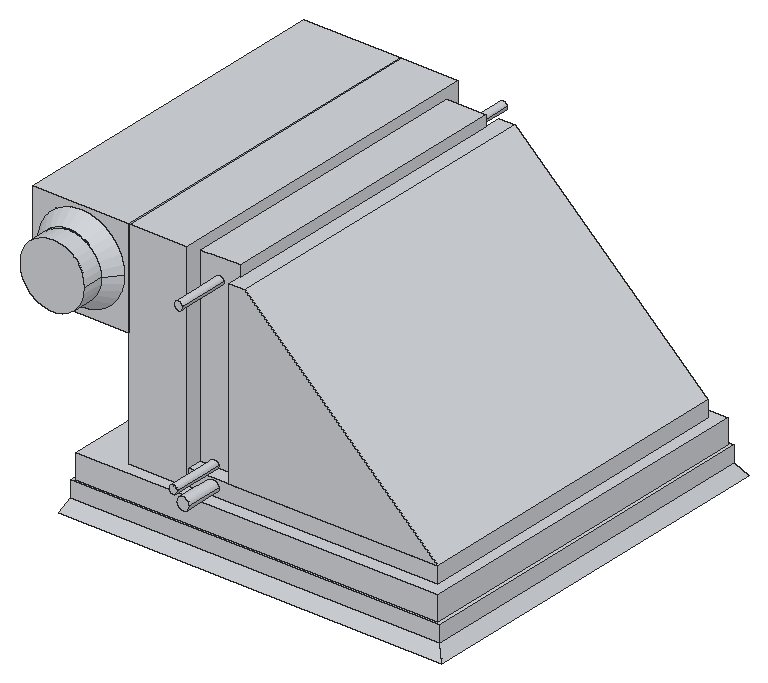
Revit family
Parameters
  duct = 1' - 0"
Reference planes (in)
  plane 1 "Center (Front/Back)": y = 0
  plane 2: z = 0
  plane 3 "Center (Left/Right)": x = 0
  plane 4: z = 11.38834
  plane 5: x = 6.98001
Forms (in)
  Extrusion 1, solid
    sketch origin (3.27047, -11.63526, 11.16652) x (0, 0, 1) y (-1, 0, 0)
      loop
        circle (1.71905, 7.88044) r 2
    from 0 to 1.25
  Extrusion 2, solid
    sketch origin (-19.41242, 12.30379, 9.92465) x (1, 0, 0) y (0, 0, 1)
      loop
        circle (22.565, 4.05903) r 0.25
    from 0 to 3
  Extrusion 3, solid
    sketch origin (-18.7248, 12.30379, 0.13596) x (1, 0, 0) y (0, 0, 1)
      loop
        circle (22.565, 4.05903) r 0.25
    from 0 to 3
  Extrusion 4, solid
    sketch origin (-19.36602, -12.88526, 9.8934) x (1, 0, 0) y (0, 0, -1)
      loop
        circle (22.565, -4.05903) r 0.25
    from 0 to 3.18905
  Extrusion 5, solid
    sketch origin (-19.69, -12.88526, -0.42654) x (1, 0, 0) y (0, 0, -1)
      loop
        circle (22.565, -4.05903) r 0.25
    from 0 to 3.18905
  Blend 6, solid
    base sketch origin (0, -0.04668, 0) x (1, 0, 0) y (0, 1, 0)
      loop
        line (-4.5, 11.19772) -> (-4.5, -11.55228) -> (18.375, -11.55228) -> (18.375, 11.19772) -> (-4.5, 11.19772)
    top sketch origin (0, -0.04668, 0) x (1, 0, 0) y (0, 1, 0)
      loop
        line (-4.875, 11.69772) -> (-4.875, -12.05228) -> (18.875, -12.05228) -> (18.875, 11.69772) -> (-4.875, 11.69772)
    from 0 to -0.75
  Extrusion 7, solid
    sketch origin (4.77526, -9.88526, -8.58676) x (-1, 0, 0) y (0, 0, -1)
      loop
        circle (1.28199, -11.64728) r 0.375
    from -0.18905 to 3
  Extrusion 8, solid
    sketch origin (13.875, -0.04668, 1) x (0, -1, 0) y (-1, 0, 0)
      loop
        line (-11.19772, -4.5) -> (11.55228, -4.5) -> (11.55228, 18.375) -> (-11.19772, 18.375) -> (-11.19772, -4.5)
    from 0 to 1
  Extrusion 9, solid
    sketch origin (6.88522, 6.92207, 3.25) x (1, 0, 0) y (0, -1, 0)
      loop
        line (11.25979, -4.06523) -> (11.25979, 18.375) -> (-11.19772, 18.375) -> (-11.19772, -4.06523) -> (11.25979, -4.06523)
    from 0.75 to 2.25
  Blend 10, solid
    base sketch origin (-0.01999, 23.68301, 11.38834) x (0, 1, 0) y (-1, 0, 0)
      loop
        line (-13.37922, -17.45749) -> (-13.37922, -4.5) -> (-34.30126, -4.5) -> (-34.30126, -17.45749) -> (-13.37922, -17.45749)
    top sketch origin (-0.01999, 23.68301, 11.38834) x (0, 1, 0) y (-1, 0, 0)
      loop
        line (-13.37922, -4.5) -> (-34.30126, -4.5) -> (-34.30126, -5.5) -> (-13.37922, -5.5) -> (-13.37922, -4.5)
    from -7.85978 to 3.23033
  Extrusion 11, solid
    sketch origin (0, -0.24325, 3.52856) x (0, 1, 0) y (1, 0, 0)
      loop
        line (-10.375, 1.98001) -> (10.54704, 1.98001) -> (10.54704, 17.4375) -> (-10.375, 17.4375) -> (-10.375, 1.98001)
    from 0 to 1
  Extrusion 12, solid
    sketch origin (8.96001, -0.19621, 3.63913) x (1, 0, 0) y (0, 1, 0)
      loop
        line (-6.98001, -9.5) -> (-4.48001, -9.5) -> (-4.48001, 9.5) -> (-6.98001, 9.5) -> (-6.98001, -9.5)
    from -0.11057 to 11.61087
  Extrusion 13, solid
    sketch origin (0, 0, 0) x (0, 1, 0) y (0, 0, 1)
      loop
        line (10.30379, 2.52856) -> (10.30379, 15.83) -> (-10.69621, 15.83) -> (-10.69621, 2.52856) -> (10.30379, 2.52856)
    from 1.98001 to -1.60707
  Extrusion 14, solid
    sketch origin (0, 23.68301, 11.38834) x (0, 1, 0) y (-1, 0, 0)
      loop
        line (-13.37922, 1.60707) -> (-13.37922, 7.60707) -> (-34.37922, 7.60707) -> (-34.37922, 1.60707) -> (-13.37922, 1.60707)
    from -1.58842 to 4.44166
  Blend 15, solid
    base sketch origin (-25.03414, -10.63526, 12.37573) x (1, 0, 0) y (0, 0, 1)
      loop
        circle (20.40788, 0.53582) r 2.75
    top sketch origin (-25.03414, -10.63526, 12.37573) x (1, 0, 0) y (0, 0, 1)
      loop
        circle (20.40788, 0.53582) r 2
    from 0 to 1
Lines and regions (in)
  reference lines
    curve 1: line (4.50721, 22.37884, 0) -> (15.50721, 22.37884, 0)
    curve 2: line (-4.5, -5.13526, 0) -> (-4.5, -15.13526, 0)
    curve 3: line (7, -5.13526, 0) -> (7, -15.13526, 0)
    curve 4: line (7, 22.37884, 0) -> (7, -22.64936, 0)
    curve 5: line (16.63, -5.13526, 0) -> (16.63, -15.13526, 0)
    curve 6: line (17.06982, -0.17728, 11.38834) -> (35.06982, -0.17728, 11.38834)
    curve 7: line (0, -0.17168, 11.38834) -> (0, -0.17168, 24.38834)
    curve 8: line (0, -12.04668, -8.61166) -> (0, -12.04668, 24.38834)
    curve 9: line (0, 11.875, -9.61166) -> (0, 11.875, 24.38834)
    curve 10: line (0, -32.23978, -0.75) -> (0, 42.76022, -0.75)
    curve 11: line (0, -34.23978, 15.83) -> (0, 42.76022, 15.83)
    curve 12: line (17.06982, 11.69772, 11.38834) -> (35.06982, 11.69772, 11.38834)
    curve 13: line (17.06982, -12.22396, 11.38834) -> (35.06982, -12.22396, 11.38834)
    curve 14: line (18.875, 22.37884, 0) -> (18.875, -22.64936, 0)
    curve 15: line (-4.875, 22.37884, 0) -> (-4.875, -22.64936, 0)
    curve 16: line (-4.875, 0, -0.75) -> (-20.375, 0, -0.75)
    curve 17: line (12.625, 0, 15.83) -> (-20.375, 0, 15.83)
Dimensions and locks (in)
  Extrusion 12 to curve 11 = 0' - 0.58"
Connectors (in)
  hvac at (-4.60997, -12.88526, 12.88558)
    settings: on Extrusion 1, index 1
  piping at (2.875, -12.88526, 3.63249)
    settings: on Extrusion 5, index 4
  piping at (3.19898, -12.88526, 13.95243)
    settings: on Extrusion 4, index 5
  piping at (3.8402, 12.30379, 4.19499)
    settings: on Extrusion 3, index 6
  piping at (3.15258, 12.30379, 13.98368)
    settings: on Extrusion 2, index 7
  piping at (3.49327, -12.88526, 3.06052)
    settings: on Extrusion 7, index 8
